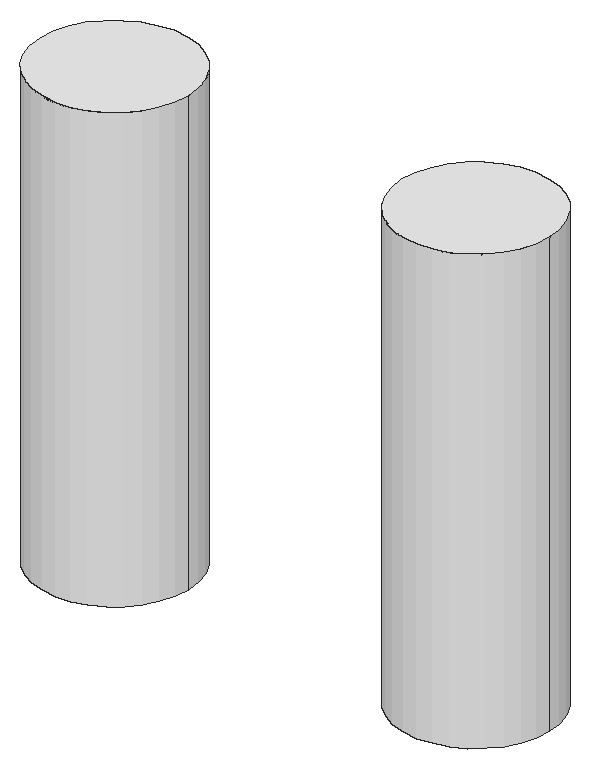
Revit family "05672129", category Plumbing Fixtures, Revit 2020
Family settings
  Round Connector Dimension = Use Diameter
  Part Type = Normal
  OmniClass Number = 23.45.55.00
  OmniClass Title = Sanitary Faucets, Wastes
  Work Plane-Based = No
  Always vertical = Yes
  Cut with Voids When Loaded = No
  Shared = No
  Room Calculation Point = No
Parameters (values of type "05672129 Washbasin faucet, 230/9 V, Bluetooth ")
  Working Pressure = "100 - 1000 kPa"
  WarrantyStartDate [instance] = "n/a"
  WarrantyGuarantorParts = "n/a"
  WarrantyGuarantorLabor = "n/a"
  WarrantyDurationUnit = "Year"
  WarrantyDurationParts = "n/a"
  WarrantyDurationLabor = "n/a"
  WarrantyDescription = "http://warranty.hansa.com"
  Warranty Information URL = "http://warranty.hansa.com"
  VersionDate = "01/06/2023"
  Version = "1"
  ValvePattern = "n/a"
  ValveOperation = "n/a"
  ValveMechanism = "n/a"
  Uniclass2015Reference = "Pr_40_20_87_96"
  Uniclass2015Description = "Washbasin manual water supply sets"
  Uniclass2 = "Pr_40_30_96_96"
  URL WEEE = "http://static.hansa.com/WEEE/05672129"
  URL REACH = "http://static.hansa.com/doc/reach"
  URL EcoLabel Declaration = "http://static.hansa.com/doc/EcoLabel"
  URL EU Packaging Declaration = "http://static.hansa.com/doc/packaging"
  URL Declaration of SCIP = "http://static.hansa.com/doc/SCIP"
  URL Declaration of Conformity = "http://static.hansa.com/DoC/05672129"
  URL Declaration of Asbestos = "http://static.hansa.com/doc/asbestos"
  URL Declaration Of Performance (DOP) = "http://static.hansa.com/doc/DoP"
  URL ABP = "http://static.hansa.com/ABP/05672129"
  URL = ""
  UNSPSC Class Number = "30181700 Faucets or taps"
  TestPressure = "n/a"
  Temperature Adjustments = "Adjustable hot water stop (included, retrofittable)"
  Temperature = "Temperature limiter (retrofittable)"
  Technical DataSheet URL = "http://www.hansa.com/datasheet/05672129/en"
  TagNumber [instance] = "n/a"
  SustainabilityPerformance = "n/a"
  Surface treatment = "Chrome"
  Spout Type = "Fixed spout;Casted construction"
  Spout Projection = "117 mm"
  Spare-Part Information URL = "http://static.hansa.com/sp/05672129"
  Size = "69x154x146 mm"
  Shape = "Sculptured"
  SerialNumber [instance] = "n/a"
  Sales Package dimensions (LxWxH) = "290 x 210 x 90"
  Revision = "n/a"
  ReplacementCost = "n/a"
  Protection Class = "IP 55 / transformer IP 20"
  ProductInformation = "n/a"
  Product URL = "http://static.hansa.com/05672129"
  Product Image URL = "http://static.hansa.com/image/05672129"
  Product Family = "HANSAMEDIPRO Protec"
  Product Code = "05672129"
  OperatingMechanismMaterial = "n/a"
  Operating Voltage = 912 V
  Operating Distance = "20-130 mm (110/130/160 mm)"
  NominalWidth = 69 mm
  NominalHeight = 146 mm
  NominalDepth = 154 mm
  Noise Class = "I (ISO 3822)"
  Name_en = "05672129 Washbasin faucet, 230/9 V, Bluetooth"
  Name = "05672129 Washbasin faucet, 230/9 V, Bluetooth"
  NBSReference = "45-35-70/371"
  NBSDescription = "Water supply fittings for wash basins and troughs"
  Mounting Holes = "1 hole"
  ModelReference = "05672129"
  ModelNumber = "n/a"
  Model = "05672129 Washbasin faucet, 230/9 V, Bluetooth"
  Mobile Product Information URL = "http://mpi.hansa.com/05672129"
  Mechanical Parts = "Litter filter(s);Mixing valve for manual temperature control;Non-return valve(s)"
  Max. Hot Water Supply = 70 °C
  Max Flow Period = "2 min (1 - 1800 s)"
  Material = "Brass"
  Market = "Austria;Belgium;Czech Republic;Germany;Spain;France;International;Italy;Netherlands;Slovakia"
  ManufacturerURL = "http://www.hansa.com"
  ManufacturerName = "HANSA"
  Manufacturer = "HANSA"
  Lifestyle photo = "http://static.hansa.com/lifestyle/05672129"
  Lever Handle = "Temperature control handle"
  Interactive AR View URL = "https://static.hansa.com/AR/05672129"
  InstallationDate [instance] = "n/a"
  Installation and Maintenance Guide URL = "http://static.hansa.com/manual/05672129"
  Installation Type = "Deck mounted"
  InletConnectionSize = 10 mm
  IfcExportType = "FAUCET"  # constant formula
  IfcExportAs = "IfcValveType"  # constant formula
  Group = "Washbasin faucet"
  Grade = "n/a"
  FlowCoefficient = 0
  Flow Rate At 300kPa With Flow Controller = 0.1 L/s
  Flow Rate At 300kPa (with flow controller) = 0.1 L/s
  Flow Drawing URL = "http://static.hansa.com/flowchart/05672129"
  Finish = "Polished"
  Features = "Touchless;Plug transformer;Bluetooth®"
  FaucetMainMaterial = Brass
  FDV Document URL = "http://www.hansa.com/datasheet/05672129/en/fdv"
  ExpectedLife = "n/a"
  Excluded Items = "Without pop-up waste;Without draw-rod opening"
  Electronic Parts = "Autofocus infrared sensor;Solenoid valve;Power supply"
  Electrical Connection = "230 / 9 V"
  ETIM Class Number = "EC010340 Electronic tap"
  EN Standard = "EN 15091,\nETSI EN 301 489-1 V1.9.2 , \nETSI EN 300 328 v2.2.2 , \nEN 61000-6-1:2007 , \nEN 61000-6-3:2007+A1:2011+AC:2012 , \nEN 60335-1:2012+A11+A13+A1+A14+A2+A15:2021, Part 19.11.4"
  EMC Directive = "Radio Equipment Directive 2014/53/EU , \nLow Voltage Directive 2014/35/EU , \nEMC Directive 2014/30/EU , \nRoHS Directive 2011/65/EU"
  EAN Number = "4057304004995"
  DurationUnit = "Year"
  Dimension Drawing URL = "http://static.hansa.com/dimdrw/05672129"
  Description = ""
  DefaultElevation [instance] = 900 mm
  Default Elevation = 0 mm
  Constituents = "n/a"
  Connection Size = "G3/8"
  Connection = "Flexible inlet pipes;Special coating for hygienic premises"
  Color = "Chrome"
  CodePerformance = "n/a"
  CloseOffRating = 0
  Catalog Drawing URL = "http://static.hansa.com/catdrw/05672129"
  Brand = "HANSA"
  BodyMaterial = "Brass"
  Bluetooth = "4.x (D034445)"
  Barcode [instance] = "n/a"
  Backflow Prevention EN1717 = "AA"
  BIMObjectName = "05672129"
  Automatic Flush Period = "30 s (1-1800 s)"
  Automatic Flush Frequency = "off (off/1-120 h)"
  Author = "BIMStone"
  AssetType = "Fixed"
  AssetIdentifier [instance] = "n/a"
  Approval ABP = "P-IX 29469/IO"
  Ambience photo = "http://static.hansa.com/ambience/05672129"
  Afterflow Period = "3 s (1-20 s)"
  Aerator = "Laminar stream"
  Advanced Features = "Inner body made of DZR brass;Surfaces in contact with drinking water contain less than 0.3% lead;Waterways without nickel coating;;Software settings adjustable via App"
  AccessibilityPerformance = "n/a"
  3D View = "https://static.hansa.com/AR/05672129"
  2D/3D/BIM Files URL = "http://static.hansa.com/bim/05672129"
Reference planes
  plane 1 "Center (Front/Back)": y = 0
  plane 2: z = 0
  plane 3 "Center (Left/Right)": x = 0
  plane 4: x = -27.5
  plane 5: x = 27.5
  plane 6: z = 1046
  plane 7: z = 900
  plane 8: x = 41.5
  plane 9: z = 870
  plane 10: y = -154
Forms (mm)
  Extrusion 1, solid, material "Brass" <- "FaucetMainMaterial", detail levels medium
    sketch origin (0, 0, 0) x (0, 1, 0) y (0, 0, 1)
      loop
        line (0, 900) -> (-12.859, 1024.354) -> (-135.619, 1046) -> (-148.585, 1046) -> (-154, 1015.291) -> (-86.606, 1003.408)
        arc (-86.606, 1003.408) -> (-68.053, 994.182) -> (-59.757, 975.194) r 30.321
        line (-59.757, 975.194) -> (-55, 900) -> (0, 900)
    from -27.5 to 27.5
  Extrusion 2, solid, material "Brass" <- "FaucetMainMaterial", detail levels medium
    sketch origin (0, 0, 0) x (1, 0, 0) y (0, 0, 1)
      loop
        line (27.5, 910.024) -> (41.5, 910.024) -> (41.5, 948.779) -> (27.5, 948.779) -> (27.5, 910.024)
    from 21.555 to 37.598
  Extrusion 3, solid, material "Brass" <- "FaucetMainMaterial", detail levels coarse
    sketch origin (0, 0, 0) x (1, 0, 0) y (0, 1, 0)
      loop
        line (-27.5, 0) -> (-27.5, -154) -> (41.5, -154) -> (41.5, 0) -> (-27.5, 0)
    from 900 to 1046
  Extrusion 4, solid, material "Brass" <- "FaucetMainMaterial"
    sketch origin (0, 0, 0) x (1, 0, 0) y (0, 1, 0)
      loop
        circle (-12.25, -27.5) r 5
      loop
        circle (12.25, -27.5) r 5
    from 870 to 900
Lines and regions (mm)
  symbolic lines, detail levels medium+fine
    curve 1: line (-15.5, -69.537, 0) -> (-15.5, -136.64, 0)
    curve 2: arc (-22.324, -45.737, 0) -> (-17.24, -57.157, 0) -> (-15.5, -69.537, 0) r 44.913
    curve 3: arc (-27.502, -27.489, 0) -> (-26.212, -36.982, 0) -> (-22.324, -45.737, 0) r 33.978
    curve 5: line (15.499, -71.499, 0) -> (15.499, -136.64, 0)
    curve 6: arc (22.753, -45.031, 0) -> (17.345, -57.777, 0) -> (15.499, -71.499, 0) r 51.914
    curve 8: spline (-15.5, -136.64, 0) -> (-15.464, -137.691, 0) -> (-15.356, -138.738, 0) -> (-15.177, -139.774, 0) -> (-14.927, -140.796, 0) -> (-14.608, -141.799, 0) -> (-14.221, -142.778, 0) -> (-13.767, -143.728, 0) -> (-13.25, -144.646, 0) -> (-12.671, -145.526, 0) -> (-12.033, -146.365, 0) -> (-11.34, -147.158, 0) -> (-10.593, -147.903, 0)
    curve 10: spline (10.592, -147.903, 0) -> (11.339, -147.158, 0) -> (12.032, -146.365, 0) -> (12.67, -145.526, 0) -> (13.249, -144.646, 0) -> (13.766, -143.728, 0) -> (14.219, -142.778, 0) -> (14.606, -141.799, 0) -> (14.926, -140.797, 0) -> (15.175, -139.774, 0) -> (15.355, -138.738, 0) -> (15.463, -137.691, 0) -> (15.499, -136.64, 0)
    curve 11: arc (-10.593, -147.903, 0) -> (0, -154, 0) -> (10.592, -147.903, 0) r 12.251
    curve 12: line (41.5, -34.339, 0) -> (41.5, -28.836, 0)
    curve 13: arc (26.89, -21.734, 0) -> (-2.895, -0.141, 0) -> (-27.502, -27.489, 0) r 27.501
    curve 14: line (40.622, -35.332, 0) -> (26.175, -37.105, 0)
    curve 15: arc (41.5, -28.836, 0) -> (41.367, -27.938, 0) -> (40.981, -27.117, 0) r 3.104
    curve 16: arc (40.981, -27.117, 0) -> (38.549, -24.68, 0) -> (35.368, -23.366, 0) r 8.772
    curve 17: line (35.368, -23.366, 0) -> (26.89, -21.734, 0)
    curve 18: arc (26.175, -37.105, 0) -> (24.717, -41.177, 0) -> (22.753, -45.031, 0) r 33.977
    curve 19: line (-27.5, 0, 900) -> (27.5, 0, 900)
    curve 20: line (-27.5, 0, 900) -> (-27.5, 0, 926.446)
    curve 21: line (-27.5, 0, 926.446) -> (-24.359, 0, 988.391)
    curve 22: arc (-24.359, 0, 988.391) -> (-21.799, 0, 1003.69) -> (-15.365, 0, 1017.804) r 59.407
    curve 23: line (-15.365, 0, 1017.804) -> (-15.365, 0, 1030.848)
    curve 24: line (27.5, 0, 900) -> (27.5, 0, 910.024)
    curve 25: line (27.5, 0, 926.446) -> (24.359, 0, 988.391)
    curve 26: arc (24.359, 0, 988.391) -> (21.799, 0, 1003.69) -> (15.365, 0, 1017.804) r 59.407
    curve 27: line (15.365, 0, 1017.804) -> (15.365, 0, 1030.848)
    curve 28: spline (-15.365, 0, 1030.848) -> (-14.842, 0, 1034.769) -> (-13.307, 0, 1038.424) -> (-10.865, 0, 1041.562) -> (-7.683, 0, 1043.97) -> (-3.977, 0, 1045.484) -> (0, 0, 1046) -> (3.977, 0, 1045.484) -> (7.683, 0, 1043.97) -> (10.865, 0, 1041.562) -> (13.307, 0, 1038.424) -> (14.842, 0, 1034.769) -> (15.365, 0, 1030.848)
    curve 31: line (27.5, 0, 925.002) -> (28.92, 0, 925.002)
    curve 32: line (28.92, 0, 925.002) -> (30.131, 0, 942.325)
    curve 33: line (40.891, 0, 942.325) -> (41.5, 0, 913.532)
    curve 34: arc (41.5, 0, 913.532) -> (40.545, 0, 911.082) -> (38.138, 0, 910.024) r 3.436
    curve 35: line (38.138, 0, 910.024) -> (27.5, 0, 910.024)
    curve 36: line (27.5, 0, 925.002) -> (27.5, 0, 926.446)
    curve 38: spline (30.131, 0, 942.325) -> (30.314, 0, 943.984) -> (30.852, 0, 945.53) -> (31.707, 0, 946.857) -> (32.821, 0, 947.875) -> (34.118, 0, 948.516) -> (35.511, 0, 948.734) -> (36.903, 0, 948.516) -> (38.201, 0, 947.875) -> (39.315, 0, 946.857) -> (40.17, 0, 945.53) -> (40.707, 0, 943.984) -> (40.891, 0, 942.325)
    curve 48: arc (41.5, -34.339, 0) -> (41.249, -35.002, 0) -> (40.622, -35.332, 0) r 1
    curve 49: line (0, 0, 900) -> (0, -55, 900)
    curve 50: line (0, -55, 900) -> (0, -55.619, 916.453)
    curve 51: line (0, -84.76, 1004.974) -> (0, -125.816, 1012.213)
    curve 52: line (0, -125.816, 1012.213) -> (0, -131.524, 1015.509)
    curve 53: line (0, -133.881, 1011.428) -> (0, -154, 1023.043)
    curve 54: line (0, -154, 1023.043) -> (0, -151.643, 1027.125)
    curve 55: line (0, -133.881, 1011.428) -> (0, -131.524, 1015.509)
    curve 56: line (0, -135.61, 1045.734) -> (0, -29.997, 1025.912)
    curve 57: line (0, -10.004, 1003.785) -> (0, 0, 900)
    curve 58: arc (0, -29.997, 1025.912) -> (0, -16.269, 1018.22) -> (0, -10.004, 1003.785) r 24.622
    curve 59: line (0, -154, 1028.486) -> (0, -154, 1030.221)
    curve 60: arc (0, -154, 1030.221) -> (0, -148.486, 1042.341) -> (0, -135.61, 1045.734) r 15.528
    curve 62: line (0, -151.643, 1027.125) -> (0, -154, 1028.486)
    curve 63: arc (0, -57.858, 976.002) -> (0, -65.933, 995.48) -> (0, -84.76, 1004.974) r 30.299
    curve 64: arc (0, -56.561, 941.503) -> (0, -58.032, 937.948) -> (0, -56.298, 934.514) r 4.616
    curve 65: arc (0, -55.882, 923.448) -> (0, -57.244, 919.894) -> (0, -55.619, 916.453) r 4.846
    curve 66: line (0, -55.882, 923.448) -> (0, -56.298, 934.514)
    curve 68: line (0, -56.561, 941.503) -> (0, -57.858, 976.002)
  symbolic lines, detail levels fine
    curve 4: arc (27.5, -27.489, 0) -> (27.347, -24.595, 0) -> (26.89, -21.734, 0) r 27.502
    curve 7: arc (27.5, -27.489, 0) -> (27.182, -32.345, 0) -> (26.175, -37.105, 0) r 33.977
    curve 9: spline (-10.593, -147.903, 0) -> (-9.095, -149.133, 0) -> (-7.454, -150.168, 0) -> (-5.695, -150.989, 0) -> (-3.847, -151.586, 0) -> (-1.939, -151.947, 0) -> (0, -152.069, 0) -> (1.938, -151.947, 0) -> (3.846, -151.586, 0) -> (5.694, -150.989, 0) -> (7.453, -150.168, 0) -> (9.094, -149.134, 0) -> (10.592, -147.903, 0)
    curve 29: circle (0, 0, 937.975) r 3.491 normal (0, -1, 0)
    curve 30: circle (0, 0, 919.975) r 3.491 normal (0, -1, 0)
    curve 37: arc (27.5, 0, 925.002) -> (26.178, 0, 917.513) -> (27.5, 0, 910.024) r 21.866
    curve 39: spline (-15.365, 0, 1030.848) -> (-15.342, 0, 1030.007) -> (-15.271, 0, 1029.17) -> (-15.153, 0, 1028.337) -> (-14.989, 0, 1027.512) -> (-14.778, 0, 1026.698) -> (-14.522, 0, 1025.896) -> (-14.221, 0, 1025.11) -> (-13.876, 0, 1024.341) -> (-13.489, 0, 1023.592) -> (-13.06, 0, 1022.865) -> (-12.591, 0, 1022.163) -> (-12.084, 0, 1021.488)
    curve 40: spline (12.084, 0, 1021.488) -> (12.591, 0, 1022.163) -> (13.06, 0, 1022.865) -> (13.489, 0, 1023.592) -> (13.876, 0, 1024.341) -> (14.221, 0, 1025.11) -> (14.522, 0, 1025.896) -> (14.778, 0, 1026.698) -> (14.989, 0, 1027.512) -> (15.153, 0, 1028.337) -> (15.271, 0, 1029.17) -> (15.342, 0, 1030.007) -> (15.365, 0, 1030.848)
    curve 41: spline (-11.212, 0, 1024.032) -> (-10.105, 0, 1025.228) -> (-8.604, 0, 1026.277) -> (-6.766, 0, 1027.139) -> (-4.663, 0, 1027.78) -> (-2.378, 0, 1028.175) -> (0, 0, 1028.308) -> (2.378, 0, 1028.175) -> (4.663, 0, 1027.78) -> (6.766, 0, 1027.139) -> (8.604, 0, 1026.277) -> (10.105, 0, 1025.228) -> (11.212, 0, 1024.032)
    curve 42: line (-11.212, 0, 1019.289) -> (-11.212, 0, 1018.089)
    curve 43: line (11.212, 0, 1019.289) -> (11.212, 0, 1018.089)
    curve 44: spline (11.212, 0, 1024.032) -> (11.476, 0, 1023.624) -> (11.694, 0, 1023.207) -> (11.864, 0, 1022.784) -> (11.986, 0, 1022.355) -> (12.059, 0, 1021.922) -> (12.084, 0, 1021.488) -> (12.059, 0, 1021.054) -> (11.986, 0, 1020.622) -> (11.864, 0, 1020.193) -> (11.694, 0, 1019.769) -> (11.476, 0, 1019.352) -> (11.212, 0, 1018.944)
    curve 45: spline (11.212, 0, 1018.089) -> (10.83, 0, 1019.493) -> (9.71, 0, 1020.801) -> (7.928, 0, 1021.925) -> (5.606, 0, 1022.787) -> (2.902, 0, 1023.328) -> (0, 0, 1023.513) -> (-2.902, 0, 1023.328) -> (-5.606, 0, 1022.787) -> (-7.928, 0, 1021.925) -> (-9.71, 0, 1020.801) -> (-10.83, 0, 1019.493) -> (-11.212, 0, 1018.089) -> (-10.83, 0, 1016.686) -> (-9.71, 0, 1015.377) -> (-7.928, 0, 1014.254) -> (-5.606, 0, 1013.392) -> (-2.902, 0, 1012.85) -> (0, 0, 1012.665) -> (2.902, 0, 1012.85) -> (5.606, 0, 1013.392) -> (7.928, 0, 1014.254) -> (9.71, 0, 1015.377) -> (10.83, 0, 1016.686) -> (11.212, 0, 1018.089)
    curve 46: spline (11.212, 0, 1019.289) -> (10.83, 0, 1020.693) -> (9.71, 0, 1022.001) -> (7.928, 0, 1023.125) -> (5.606, 0, 1023.987) -> (2.902, 0, 1024.528) -> (0, 0, 1024.713) -> (-2.902, 0, 1024.528) -> (-5.606, 0, 1023.987) -> (-7.928, 0, 1023.125) -> (-9.71, 0, 1022.001) -> (-10.83, 0, 1020.693) -> (-11.212, 0, 1019.289)
    curve 47: spline (-11.212, 0, 1018.944) -> (-11.476, 0, 1019.352) -> (-11.694, 0, 1019.769) -> (-11.864, 0, 1020.193) -> (-11.986, 0, 1020.622) -> (-12.059, 0, 1021.054) -> (-12.084, 0, 1021.488) -> (-12.059, 0, 1021.922) -> (-11.986, 0, 1022.355) -> (-11.864, 0, 1022.784) -> (-11.694, 0, 1023.207) -> (-11.476, 0, 1023.624) -> (-11.212, 0, 1024.032)
    curve 61: line (0, -131.524, 1015.509) -> (0, -151.643, 1027.125)
    curve 67: line (0, -55.619, 916.453) -> (0, -55.882, 923.448)
    curve 69: line (0, -56.298, 934.514) -> (0, -56.561, 941.503)
Dimensions and locks
  equal spacing: plane 4, plane 3 "Center (Left/Right)", plane 5
  "NominalHeight": plane 6 to plane 7
  "DefaultElevation": plane 7 to level
  locked: plane 5 to plane 8 at 14
  "NominalWidth": plane 4 to plane 8
  locked: plane 7 to plane 9 at 30
  "NominalDepth": plane 10 to plane 1 "Center (Front/Back)"
  "InletConnectionSize": diameter of Extrusion 4 sketch curve  (x2)
  aligned and locked: level to plane 2
  aligned and locked: plane 6 to Extrusion 3
  aligned and locked: Extrusion 3 to plane 7
  aligned and locked: plane 7 to Extrusion 4
  aligned and locked: Extrusion 4 to plane 9
  aligned and locked: import instance to plane 7
Automatic sketch dimensions
  curve 19 to plane 4 = 0 mm
  curve 30 to plane 3 "Center (Left/Right)" = 0 mm
  curve 45 to plane 3 "Center (Left/Right)" = 0 mm
  curve 40 to plane 3 "Center (Left/Right)" = 0 mm
  curve 28 to plane 3 "Center (Left/Right)" = 0 mm
  curve 39 to plane 3 "Center (Left/Right)" = 0 mm
  curve 29 to plane 3 "Center (Left/Right)" = 0 mm
  curve 19 to plane 5 = 0 mm
  curve 31 to plane 5 = 0 mm
  curve 33 to plane 8 = 0 mm
  curve 19 to plane 7 = 0 mm
  curve 26 to plane 4 = 7.512 mm
  plane 4 to curve 21 = 3.141 mm
  plane 4 to curve 23 = 12.135 mm
  curve 43 to curve 27 = 4.154 mm
  curve 25 to plane 5 = 3.141 mm
  curve 37 to curve 32 = 1.42 mm
  plane 5 to curve 32 = 2.631 mm
  curve 22 to plane 8 = 6.488 mm
  curve 34 to plane 8 = 3.435 mm
  curve 35 to plane 8 = 3.362 mm
  curve 33 to plane 8 = 0.609 mm
  plane 8 to curve 37 = 6.544 mm
  plane 7 to curve 24 = 10.024 mm
  curve 34 to curve 34 = 3.435 mm
  curve 33 to curve 37 = 3.981 mm
  plane 7 to curve 30 = 19.975 mm
  curve 37 to curve 36 = 1.444 mm
  plane 7 to curve 20 = 26.446 mm
  curve 30 to curve 29 = 18 mm
  curve 25 to curve 33 = 15.879 mm
  curve 26 to plane 6 = 59.682 mm
  curve 22 to plane 6 = 59.682 mm
  curve 22 to curve 25 = 2.073 mm
  curve 26 to curve 21 = 2.073 mm
  curve 27 to curve 43 = 1.486 mm
  curve 46 to curve 23 = 11.558 mm
  curve 39 to curve 28 = 0 mm
  curve 40 to curve 39 = 0 mm
  curve 47 to curve 47 = 0.872 mm
  curve 41 to curve 46 = 0 mm
  curve 46 to curve 40 = 0.872 mm
  curve 42 to curve 46 = 1.2 mm
  curve 45 to curve 46 = 1.2 mm
  curve 43 to curve 45 = 0 mm
  curve 46 to curve 47 = 2.199 mm
  curve 47 to curve 47 = 2.544 mm
  curve 40 to curve 28 = 0 mm
  curve 39 to curve 40 = 0 mm
  curve 41 to curve 39 = 0 mm  (x2)
  curve 39 to curve 47 = 0 mm
  curve 46 to curve 40 = 2.199 mm
  curve 47 to plane 3 "Center (Left/Right)" = 0 mm
  curve 41 to plane 3 "Center (Left/Right)" = 0 mm
  curve 44 to plane 3 "Center (Left/Right)" = 0 mm
  curve 39 to curve 44 = 0 mm
  curve 44 to curve 46 = 0.345 mm
  Extrusion 2 sketch curve to plane 5 = 0 mm
  Extrusion 2 sketch curve to plane 8 = 0 mm
  plane 7 to Extrusion 2 sketch curve = 10.024 mm
  Extrusion 2 sketch curve to Extrusion 2 sketch curve = 38.755 mm
  Extrusion 3 sketch curve to plane 4 = 0 mm
  Extrusion 3 sketch curve to plane 8 = 0 mm
  plane 1 "Center (Front/Back)" to Extrusion 3 sketch curve = 0 mm
  curve 7 to curve 18 = 0 mm  (x2)
  curve 8 to plane 3 "Center (Left/Right)" = 0 mm
  curve 12 to plane 8 = 0 mm
  curve 11 to plane 3 "Center (Left/Right)" = 0 mm
  curve 13 to plane 3 "Center (Left/Right)" = 0.001 mm
  curve 4 to curve 13 = 0.001 mm  (x2)
  curve 18 to plane 3 "Center (Left/Right)" = 6.476 mm
  plane 4 to curve 1 = 12 mm
  curve 2 to plane 4 = 32.913 mm
  plane 3 "Center (Left/Right)" to curve 3 = 6.475 mm
  curve 5 to plane 5 = 12.001 mm
  curve 14 to plane 5 = 1.325 mm
  curve 17 to plane 5 = 0.61 mm
  plane 5 to curve 16 = 6.176 mm
  curve 17 to plane 8 = 6.132 mm
  curve 15 to plane 8 = 3.104 mm
  curve 14 to plane 8 = 0.878 mm
  plane 8 to curve 6 = 25.912 mm
  curve 11 to curve 5 = 5.109 mm
  curve 10 to curve 1 = 0 mm
  plane 1 "Center (Front/Back)" to curve 5 = 71.499 mm
  curve 5 to curve 1 = 1.962 mm
  curve 6 to curve 14 = 34.394 mm
  curve 14 to curve 14 = 1.773 mm
  curve 48 to curve 16 = 2.365 mm
  curve 48 to curve 12 = 5.503 mm
  plane 1 "Center (Front/Back)" to curve 18 = 27.708 mm
  curve 7 to curve 3 = 0.001 mm
  curve 7 to curve 4 = 0.218 mm
  curve 15 to curve 17 = 5.469 mm
  curve 9 to plane 3 "Center (Left/Right)" = 0 mm
  curve 10 to curve 9 = 0 mm
  curve 9 to plane 3 "Center (Left/Right)" = 10.593 mm
  curve 9 to curve 1 = 0 mm
  curve 1 to curve 9 = 0 mm
  curve 14 to curve 48 = 0.993 mm
  Extrusion 1 sketch curve to plane 10 = 0 mm
  Extrusion 1 sketch curve to plane 6 = 0 mm
  Extrusion 1 sketch curve to plane 7 = 0 mm
  Extrusion 1 sketch curve to plane 1 "Center (Front/Back)" = 0 mm
  Extrusion 1 sketch curve to plane 10 = 5.415 mm
  Extrusion 1 sketch curve to Extrusion 1 sketch curve = 12.966 mm
  Extrusion 1 sketch curve to plane 10 = 63.983 mm
  Extrusion 1 sketch curve to Extrusion 1 sketch curve = 3.411 mm
  Extrusion 1 sketch curve to Extrusion 1 sketch curve = 55 mm
  plane 1 "Center (Front/Back)" to Extrusion 1 sketch curve = 12.859 mm
  Extrusion 1 sketch curve to plane 6 = 72.72 mm
  Extrusion 1 sketch curve to Extrusion 1 sketch curve = 30.128 mm
  Extrusion 1 sketch curve to plane 6 = 21.646 mm
  Extrusion 1 sketch curve to Extrusion 1 sketch curve = 30.26 mm
  curve 54 to plane 10 = 0 mm
  curve 60 to plane 10 = 0 mm
  curve 49 to plane 7 = 0 mm
  curve 49 to plane 1 "Center (Front/Back)" = 0 mm
  curve 62 to plane 10 = 2.357 mm
  curve 54 to curve 60 = 13.17 mm
  curve 56 to plane 6 = 0.266 mm
  curve 60 to curve 56 = 2.864 mm
  curve 60 to curve 53 = 4.593 mm
  curve 52 to curve 52 = 5.708 mm
  curve 51 to curve 63 = 37.68 mm
  curve 63 to curve 51 = 3.376 mm
  curve 63 to curve 68 = 30.278 mm
  curve 63 to curve 64 = 4.439 mm
  curve 64 to curve 65 = 1.018 mm
  plane 1 "Center (Front/Back)" to curve 58 = 34.539 mm
  curve 58 to curve 56 = 4.542 mm
  plane 1 "Center (Front/Back)" to curve 57 = 10.004 mm
  plane 7 to curve 65 = 20.076 mm
  curve 65 to curve 64 = 18.045 mm
  curve 63 to curve 63 = 30.111 mm
  curve 63 to curve 58 = 25.711 mm
  curve 58 to curve 57 = 2.072 mm
  curve 53 to curve 60 = 34.306 mm
  curve 53 to curve 51 = 0.786 mm
  curve 59 to curve 59 = 1.735 mm
  curve 64 to curve 64 = 3.142 mm
  curve 65 to curve 65 = 3.481 mm
  curve 65 to curve 65 = 3.218 mm
  curve 65 to curve 65 = 3.623 mm
  curve 64 to curve 63 = 36.742 mm
  curve 50 to curve 50 = 0.619 mm
  curve 64 to curve 69 = 3.381 mm
  plane 7 to curve 69 = 34.514 mm
  curve 1 to plane 10 = 17.36 mm
  curve 11 to plane 10 = 6.097 mm
  plane 10 to Extrusion 3 sketch curve = 0 mm
  Extrusion 4 sketch curve to plane 3 "Center (Left/Right)" = 12.25 mm
  plane 3 "Center (Left/Right)" to Extrusion 4 sketch curve = 12.25 mm
  plane 1 "Center (Front/Back)" to Extrusion 4 sketch curve = 27.5 mm
  Extrusion 4 sketch curve to Extrusion 4 sketch curve = 0 mm
  radius of curve 29 = 3.491 mm
  radius of curve 30 = 3.491 mm
Nested families
  nested 1: "Symbol" at (0, 0, 0), type "Symbol", detail levels coarse
Connectors
  piping at (-12.25, -27.5, 870), diameter 10, driven by "InletConnectionSize", driven by "Flow Rate At 300kPa (with flow controller)"
    settings: on Extrusion 4, index 1, connector inside diameter 609.6 mm, connector length 0 mm, flow factor 0, pipe flow 0.1 L/s, pressure drop 0.0 Pa, fitting loss kfactor 0, connector angle 0.00°, fixture units 0, engagement length 0 mm, angle of deflection 0.00°, flow configuration 1, flow direction 1, fitting loss method 0, system type 19, joint type 0, gender type 0, connector reference index -1, connector utility 0, adjustable connector no, is connector primary yes, connector description ""
  piping at (12.25, -27.5, 870), diameter 10, driven by "InletConnectionSize", driven by "Flow Rate At 300kPa (with flow controller)"
    settings: on Extrusion 4, index 2, connector inside diameter 609.6 mm, connector length 0 mm, flow factor 0, pipe flow 0.1 L/s, pressure drop 0.0 Pa, fitting loss kfactor 0, connector angle 0.00°, fixture units 0, engagement length 0 mm, angle of deflection 0.00°, flow configuration 1, flow direction 1, fitting loss method 0, system type 20, joint type 0, gender type 0, connector reference index -1, connector utility 0, adjustable connector no, is connector primary no, connector description ""
Definition of nested family "Symbol"
  Reference planes
    plane 1: y = 0
    plane 2: x = 0
  Lines and regions (mm)
    detail lines
      curve 1: line (0, 0, 0) -> (0, -1.8, 0)
      curve 2: line (-0.4, -1.1, 0) -> (0.4, -1.1, 0)
      curve 3: line (-0.4, -1.4, 0) -> (0.4, -1.4, 0)
      curve 4: line (0.863, 0, 0) -> (-0.863, 0, 0)
      curve 5: circle (-1.163, 0, 0) r 0.3 normal (0, 0, -1)
      curve 6: circle (1.163, 0, 0) r 0.3 normal (0, 0, 1)
